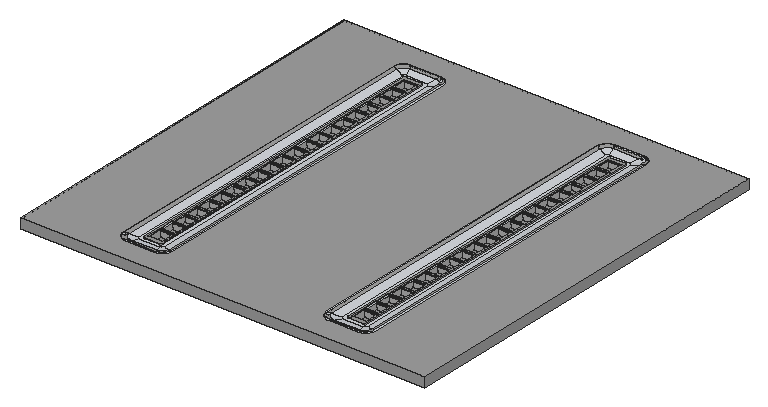
Revit family "0044017 Sylvania Lighting Fixture OptiClip 600 4000K C9 WH DALI WHITE", category Lighting Fixtures, host Face, Revit 2016 (continued)
Automatic sketch dimensions
  Blend 25 sketch curve to plane 64 = 4.7 mm
  Extrusion 26 sketch curve to plane 75 = 0 mm
  Extrusion 26 sketch curve to plane 77 = 0 mm
  Extrusion 26 sketch curve to plane 76 = 0 mm
  Extrusion 26 sketch curve to plane 74 = 0 mm
  Extrusion 27 sketch curve to plane 77 = 0 mm
  Extrusion 27 sketch curve to plane 76 = 0 mm
  plane 33 to Extrusion 27 sketch curve = 4.7 mm
  Extrusion 27 sketch curve to plane 32 = 4.7 mm
  Extrusion 28 sketch curve to plane 77 = 0 mm
  Extrusion 28 sketch curve to plane 76 = 0 mm
  plane 35 to Extrusion 28 sketch curve = 4.655 mm
  Extrusion 28 sketch curve to plane 34 = 4.7 mm
  Extrusion 29 sketch curve to plane 77 = 0 mm
  Extrusion 29 sketch curve to plane 76 = 0 mm
  plane 37 to Extrusion 29 sketch curve = 4.745 mm
  Extrusion 29 sketch curve to plane 36 = 4.7 mm
  Extrusion 30 sketch curve to plane 77 = 0 mm
  Extrusion 30 sketch curve to plane 76 = 0 mm
  plane 39 to Extrusion 30 sketch curve = 4.7 mm
  Extrusion 30 sketch curve to plane 38 = 4.7 mm
  Extrusion 31 sketch curve to plane 77 = 0 mm
  Extrusion 31 sketch curve to plane 76 = 0 mm
  plane 41 to Extrusion 31 sketch curve = 4.7 mm
  Extrusion 31 sketch curve to plane 40 = 4.7 mm
  Extrusion 32 sketch curve to plane 77 = 0 mm
  Extrusion 32 sketch curve to plane 76 = 0 mm
  plane 43 to Extrusion 32 sketch curve = 4.7 mm
  Extrusion 32 sketch curve to plane 42 = 4.7 mm
  Extrusion 33 sketch curve to plane 77 = 0 mm
  Extrusion 33 sketch curve to plane 76 = 0 mm
  plane 45 to Extrusion 33 sketch curve = 4.674 mm
  Extrusion 33 sketch curve to plane 44 = 4.7 mm
  Extrusion 34 sketch curve to plane 77 = 0 mm
  Extrusion 34 sketch curve to plane 76 = 0 mm
  plane 47 to Extrusion 34 sketch curve = 4.726 mm
  Extrusion 34 sketch curve to plane 46 = 4.7 mm
  Extrusion 35 sketch curve to plane 77 = 0 mm
  Extrusion 35 sketch curve to plane 76 = 0 mm
  plane 49 to Extrusion 35 sketch curve = 4.7 mm
  Extrusion 35 sketch curve to plane 48 = 4.7 mm
  Extrusion 36 sketch curve to plane 77 = 0 mm
  Extrusion 36 sketch curve to plane 76 = 0 mm
  plane 51 to Extrusion 36 sketch curve = 4.7 mm
  Extrusion 36 sketch curve to plane 50 = 4.7 mm
  Extrusion 37 sketch curve to plane 77 = 0 mm
  Extrusion 37 sketch curve to plane 76 = 0 mm
  plane 53 to Extrusion 37 sketch curve = 4.7 mm
  Extrusion 37 sketch curve to plane 52 = 4.7 mm
  Extrusion 38 sketch curve to plane 77 = 0 mm
  Extrusion 38 sketch curve to plane 76 = 0 mm
  plane 55 to Extrusion 38 sketch curve = 4.7 mm
  Extrusion 38 sketch curve to plane 54 = 4.7 mm
  Extrusion 39 sketch curve to plane 77 = 0 mm
  Extrusion 39 sketch curve to plane 76 = 0 mm
  plane 57 to Extrusion 39 sketch curve = 4.655 mm
  Extrusion 39 sketch curve to plane 56 = 4.7 mm
  Extrusion 40 sketch curve to plane 77 = 0 mm
  Extrusion 40 sketch curve to plane 76 = 0 mm
  plane 59 to Extrusion 40 sketch curve = 4.745 mm
  Extrusion 40 sketch curve to plane 58 = 4.7 mm
  Extrusion 41 sketch curve to plane 77 = 0 mm
  Extrusion 41 sketch curve to plane 76 = 0 mm
  plane 61 to Extrusion 41 sketch curve = 4.7 mm
  Extrusion 41 sketch curve to plane 60 = 4.7 mm
  Extrusion 42 sketch curve to plane 77 = 0 mm
  Extrusion 42 sketch curve to plane 76 = 0 mm
  plane 63 to Extrusion 42 sketch curve = 4.7 mm
  Extrusion 42 sketch curve to plane 62 = 4.7 mm
  Extrusion 43 sketch curve to plane 77 = 0 mm
  Extrusion 43 sketch curve to plane 76 = 0 mm
  plane 65 to Extrusion 43 sketch curve = 4.7 mm
  Extrusion 43 sketch curve to plane 64 = 4.7 mm
  Extrusion 44 sketch curve to plane 77 = 0 mm
  Extrusion 44 sketch curve to plane 76 = 0 mm
  plane 67 to Extrusion 44 sketch curve = 4.7 mm
  Extrusion 44 sketch curve to plane 66 = 4.7 mm
  Extrusion 45 sketch curve to plane 77 = 0 mm
  Extrusion 45 sketch curve to plane 76 = 0 mm
  plane 69 to Extrusion 45 sketch curve = 4.7 mm
  Extrusion 45 sketch curve to plane 68 = 4.7 mm
  Extrusion 46 sketch curve to plane 77 = 0 mm
  Extrusion 46 sketch curve to plane 76 = 0 mm
  plane 71 to Extrusion 46 sketch curve = 4.7 mm
  Extrusion 46 sketch curve to plane 70 = 4.7 mm
  plane 25 to Blend 47 sketch curve = 2.5 mm  (x2)
  plane 3 "Center (Left/Right)" to Blend 47 sketch curve = 114 mm
  Blend 47 sketch curve to plane 24 = 1 mm
  Blend 47 sketch curve to Blend 47 sketch curve = 15 mm  (x2)
  Blend 47 sketch curve to Blend 47 sketch curve = 42 mm  (x2)
  plane 20 to Blend 47 sketch curve = 0 mm
  plane 80 to Blend 47 sketch curve = 2 mm  (x2)
  plane 3 "Center (Left/Right)" to Blend 47 sketch curve = 130.5 mm
  plane 25 to Blend 47 sketch curve = 1 mm
  Blend 47 sketch curve to plane 81 = 2.155 mm
  Blend 47 sketch curve to Blend 47 sketch curve = 4 mm
  Blend 47 sketch curve to Blend 47 sketch curve = 30.692 mm
  Blend 47 sketch curve to Blend 47 sketch curve = 0.297 mm
  Blend 47 sketch curve to plane 81 = 2.222 mm
  Blend 47 sketch curve to Blend 47 sketch curve = 3.933 mm
  plane 24 to Blend 48 sketch curve = 0 mm
  plane 22 to Blend 48 sketch curve = 0 mm
  Blend 48 sketch curve to plane 20 = 1.5 mm  (x2)
  plane 25 to Blend 48 sketch curve = 2.5 mm  (x2)
  Blend 48 sketch curve to plane 10 = 110 mm
  Blend 48 sketch curve to Blend 48 sketch curve = 42 mm
  plane 26 to Blend 48 sketch curve = 0 mm
  plane 25 to Blend 48 sketch curve = 0 mm
  Blend 48 sketch curve to plane 81 = 2.155 mm  (x2)
  Blend 48 sketch curve to plane 81 = 2.066 mm
  plane 80 to Blend 48 sketch curve = 2 mm  (x2)
  Blend 48 sketch curve to plane 10 = 126.5 mm
  Blend 48 sketch curve to Blend 48 sketch curve = 3.014 mm
  Blend 48 sketch curve to Blend 48 sketch curve = 31.034 mm
  Blend 48 sketch curve to Blend 48 sketch curve = 30.692 mm
  plane 30 to Extrusion 49 sketch curve = 0 mm
  plane 29 to Extrusion 49 sketch curve = 0 mm
  plane 3 "Center (Left/Right)" to Extrusion 49 sketch curve = 140 mm
  Extrusion 49 sketch curve to Extrusion 49 sketch curve = 22 mm
  Blend 50 sketch curve to plane 67 = 0 mm
  Blend 50 sketch curve to plane 66 = 0 mm
  Blend 50 sketch curve to plane 73 = 0 mm
  Blend 50 sketch curve to plane 72 = 0 mm
  Blend 50 sketch curve to plane 77 = 0 mm
  Blend 50 sketch curve to plane 76 = 0 mm
  plane 67 to Blend 50 sketch curve = 4.7 mm
  Blend 50 sketch curve to plane 66 = 4.7 mm
  Blend 51 sketch curve to plane 69 = 0 mm
  Blend 51 sketch curve to plane 68 = 0 mm
  Blend 51 sketch curve to plane 73 = 0 mm
  Blend 51 sketch curve to plane 72 = 0 mm
  Blend 51 sketch curve to plane 77 = 0 mm
  Blend 51 sketch curve to plane 76 = 0 mm
  plane 69 to Blend 51 sketch curve = 4.7 mm
  Blend 51 sketch curve to plane 68 = 4.7 mm
  Blend 52 sketch curve to plane 71 = 0 mm
  Blend 52 sketch curve to plane 70 = 0 mm
  Blend 52 sketch curve to plane 73 = 0 mm
  Blend 52 sketch curve to plane 72 = 0 mm
  Blend 52 sketch curve to plane 77 = 0 mm
  Blend 52 sketch curve to plane 76 = 0 mm
  plane 71 to Blend 52 sketch curve = 4.7 mm
  Blend 52 sketch curve to plane 70 = 4.7 mm
  plane 82 to Extrusion 53 sketch curve = 0 mm  (x2)
  Extrusion 53 sketch curve to plane 80 = 0 mm
  plane 81 to Extrusion 53 sketch curve = 0 mm
  plane 3 "Center (Left/Right)" to Extrusion 53 sketch curve = 137.5 mm
  Extrusion 53 sketch curve to plane 30 = 1.726 mm
  Extrusion 53 sketch curve to Extrusion 53 sketch curve = 2.284 mm
  Extrusion 53 sketch curve to Extrusion 53 sketch curve = 22 mm
  Extrusion 53 sketch curve to plane 30 = 1.536 mm
  Extrusion 53 sketch curve to Extrusion 53 sketch curve = 2.456 mm
  plane 31 to Blend 54 sketch curve = 0 mm
  Blend 54 sketch curve to plane 29 = 1.75 mm
  Blend 54 sketch curve to plane 10 = 133.539 mm
  Blend 54 sketch curve to Blend 54 sketch curve = 20.961 mm
  plane 75 to Blend 54 sketch curve = 0 mm
  plane 74 to Blend 54 sketch curve = 0 mm
  Blend 54 sketch curve to plane 10 = 138.039 mm
  Blend 54 sketch curve to Blend 54 sketch curve = 11.961 mm
  plane 33 to Blend 55 sketch curve = 0 mm
  plane 32 to Blend 55 sketch curve = 0 mm
  Blend 55 sketch curve to plane 10 = 133.539 mm
  Blend 55 sketch curve to Blend 55 sketch curve = 20.961 mm
  plane 33 to Blend 55 sketch curve = 4.7 mm
  Blend 55 sketch curve to plane 32 = 4.7 mm
  Blend 55 sketch curve to plane 10 = 138.039 mm
  Blend 55 sketch curve to Blend 55 sketch curve = 11.961 mm
  plane 34 to Blend 56 sketch curve = 0 mm
  Blend 56 sketch curve to plane 35 = 0.045 mm
  Blend 56 sketch curve to plane 10 = 133.539 mm
  Blend 56 sketch curve to Blend 56 sketch curve = 20.961 mm
  plane 35 to Blend 56 sketch curve = 4.655 mm
  Blend 56 sketch curve to plane 34 = 4.7 mm
  Blend 56 sketch curve to plane 10 = 138.039 mm
  Blend 56 sketch curve to Blend 56 sketch curve = 11.961 mm
  plane 36 to Blend 57 sketch curve = 0 mm
  plane 37 to Blend 57 sketch curve = 0.045 mm
  Blend 57 sketch curve to plane 10 = 133.539 mm
  Blend 57 sketch curve to Blend 57 sketch curve = 20.961 mm
  plane 37 to Blend 57 sketch curve = 4.745 mm
  Blend 57 sketch curve to plane 36 = 4.7 mm
  Blend 57 sketch curve to plane 10 = 138.039 mm
  Blend 57 sketch curve to Blend 57 sketch curve = 11.961 mm
  plane 39 to Blend 58 sketch curve = 0 mm
  plane 38 to Blend 58 sketch curve = 0 mm
  Blend 58 sketch curve to plane 10 = 133.539 mm
  Blend 58 sketch curve to Blend 58 sketch curve = 20.961 mm
  plane 39 to Blend 58 sketch curve = 4.7 mm
  Blend 58 sketch curve to plane 38 = 4.7 mm
  Blend 58 sketch curve to plane 10 = 138.039 mm
  Blend 58 sketch curve to Blend 58 sketch curve = 11.961 mm
  plane 41 to Blend 59 sketch curve = 0 mm
  plane 40 to Blend 59 sketch curve = 0 mm
  Blend 59 sketch curve to plane 10 = 133.539 mm
  Blend 59 sketch curve to Blend 59 sketch curve = 20.961 mm
  plane 41 to Blend 59 sketch curve = 4.7 mm
  Blend 59 sketch curve to plane 40 = 4.7 mm
  Blend 59 sketch curve to plane 10 = 138.039 mm
  Blend 59 sketch curve to Blend 59 sketch curve = 11.961 mm
  plane 43 to Blend 60 sketch curve = 0 mm
  plane 42 to Blend 60 sketch curve = 0 mm
  Blend 60 sketch curve to plane 10 = 133.539 mm
  Blend 60 sketch curve to Blend 60 sketch curve = 20.961 mm
  plane 43 to Blend 60 sketch curve = 4.7 mm
  Blend 60 sketch curve to plane 42 = 4.7 mm
  Blend 60 sketch curve to plane 10 = 138.039 mm
  Blend 60 sketch curve to Blend 60 sketch curve = 11.961 mm
  plane 44 to Blend 61 sketch curve = 0 mm
  Blend 61 sketch curve to plane 45 = 0.026 mm
  Blend 61 sketch curve to plane 10 = 133.539 mm
  Blend 61 sketch curve to Blend 61 sketch curve = 20.961 mm
  plane 45 to Blend 61 sketch curve = 4.674 mm
  Blend 61 sketch curve to plane 44 = 4.7 mm
  Blend 61 sketch curve to plane 10 = 138.039 mm
  Blend 61 sketch curve to Blend 61 sketch curve = 11.961 mm
  plane 46 to Blend 62 sketch curve = 0 mm
  plane 47 to Blend 62 sketch curve = 0.026 mm
  Blend 62 sketch curve to plane 10 = 133.539 mm
  Blend 62 sketch curve to Blend 62 sketch curve = 20.961 mm
  plane 47 to Blend 62 sketch curve = 4.726 mm
  Blend 62 sketch curve to plane 46 = 4.7 mm
  Blend 62 sketch curve to plane 10 = 138.039 mm
  Blend 62 sketch curve to Blend 62 sketch curve = 11.961 mm
  plane 49 to Blend 63 sketch curve = 0 mm
  plane 48 to Blend 63 sketch curve = 0 mm
  Blend 63 sketch curve to plane 10 = 133.539 mm
  Blend 63 sketch curve to Blend 63 sketch curve = 20.961 mm
  plane 49 to Blend 63 sketch curve = 4.7 mm
  Blend 63 sketch curve to plane 48 = 4.7 mm
  Blend 63 sketch curve to plane 10 = 138.039 mm
  Blend 63 sketch curve to Blend 63 sketch curve = 11.961 mm
  plane 51 to Blend 64 sketch curve = 0 mm
  plane 50 to Blend 64 sketch curve = 0 mm
  Blend 64 sketch curve to plane 10 = 133.539 mm
  Blend 64 sketch curve to Blend 64 sketch curve = 20.961 mm
  plane 51 to Blend 64 sketch curve = 4.7 mm
  Blend 64 sketch curve to plane 50 = 4.7 mm
  Blend 64 sketch curve to plane 10 = 138.039 mm
  Blend 64 sketch curve to Blend 64 sketch curve = 11.961 mm
  plane 53 to Blend 65 sketch curve = 0 mm
  plane 52 to Blend 65 sketch curve = 0 mm
  Blend 65 sketch curve to plane 10 = 133.539 mm
  Blend 65 sketch curve to Blend 65 sketch curve = 20.961 mm
  plane 53 to Blend 65 sketch curve = 4.7 mm
  Blend 65 sketch curve to plane 52 = 4.7 mm
  Blend 65 sketch curve to plane 10 = 138.039 mm
  Blend 65 sketch curve to Blend 65 sketch curve = 11.961 mm
  plane 55 to Blend 66 sketch curve = 0 mm
  plane 54 to Blend 66 sketch curve = 0 mm
  Blend 66 sketch curve to plane 10 = 133.539 mm
  Blend 66 sketch curve to Blend 66 sketch curve = 20.961 mm
  plane 55 to Blend 66 sketch curve = 4.7 mm
  Blend 66 sketch curve to plane 54 = 4.7 mm
  Blend 66 sketch curve to plane 10 = 138.039 mm
  Blend 66 sketch curve to Blend 66 sketch curve = 11.961 mm
  plane 56 to Blend 67 sketch curve = 0 mm
  Blend 67 sketch curve to plane 57 = 0.045 mm
  Blend 67 sketch curve to plane 10 = 133.539 mm
  Blend 67 sketch curve to Blend 67 sketch curve = 20.961 mm
  plane 57 to Blend 67 sketch curve = 4.655 mm
  Blend 67 sketch curve to plane 56 = 4.7 mm
  Blend 67 sketch curve to plane 10 = 138.039 mm
  Blend 67 sketch curve to Blend 67 sketch curve = 11.961 mm
  plane 58 to Blend 68 sketch curve = 0 mm
  plane 59 to Blend 68 sketch curve = 0.045 mm
  Blend 68 sketch curve to plane 10 = 133.539 mm
  Blend 68 sketch curve to Blend 68 sketch curve = 20.961 mm
  plane 59 to Blend 68 sketch curve = 4.745 mm
  Blend 68 sketch curve to plane 58 = 4.7 mm
  Blend 68 sketch curve to plane 10 = 138.039 mm
  Blend 68 sketch curve to Blend 68 sketch curve = 11.961 mm
  plane 61 to Blend 69 sketch curve = 0 mm
  plane 60 to Blend 69 sketch curve = 0 mm
  Blend 69 sketch curve to plane 10 = 133.539 mm
  Blend 69 sketch curve to Blend 69 sketch curve = 20.961 mm
  plane 61 to Blend 69 sketch curve = 4.7 mm
  Blend 69 sketch curve to plane 60 = 4.7 mm
  Blend 69 sketch curve to plane 10 = 138.039 mm
  Blend 69 sketch curve to Blend 69 sketch curve = 11.961 mm
  plane 63 to Blend 70 sketch curve = 0 mm
  plane 62 to Blend 70 sketch curve = 0 mm
  Blend 70 sketch curve to plane 10 = 133.539 mm
  Blend 70 sketch curve to Blend 70 sketch curve = 20.961 mm
  plane 63 to Blend 70 sketch curve = 4.7 mm
  Blend 70 sketch curve to plane 62 = 4.7 mm
  Blend 70 sketch curve to plane 10 = 138.039 mm
  Blend 70 sketch curve to Blend 70 sketch curve = 11.961 mm
  plane 65 to Blend 71 sketch curve = 0 mm
  plane 64 to Blend 71 sketch curve = 0 mm
  Blend 71 sketch curve to plane 10 = 133.539 mm
  Blend 71 sketch curve to Blend 71 sketch curve = 20.961 mm
  plane 65 to Blend 71 sketch curve = 4.7 mm
  Blend 71 sketch curve to plane 64 = 4.7 mm
  Blend 71 sketch curve to plane 10 = 138.039 mm
  Blend 71 sketch curve to Blend 71 sketch curve = 11.961 mm
  plane 67 to Blend 72 sketch curve = 0 mm
  plane 66 to Blend 72 sketch curve = 0 mm
  Blend 72 sketch curve to plane 10 = 133.539 mm
  Blend 72 sketch curve to Blend 72 sketch curve = 20.961 mm
  plane 67 to Blend 72 sketch curve = 4.7 mm
  Blend 72 sketch curve to plane 66 = 4.7 mm
  Blend 72 sketch curve to plane 10 = 138.039 mm
  Blend 72 sketch curve to Blend 72 sketch curve = 11.961 mm
  plane 69 to Blend 73 sketch curve = 0 mm
  plane 68 to Blend 73 sketch curve = 0 mm
  Blend 73 sketch curve to plane 10 = 133.539 mm
  Blend 73 sketch curve to Blend 73 sketch curve = 20.961 mm
  plane 69 to Blend 73 sketch curve = 4.7 mm
  Blend 73 sketch curve to plane 68 = 4.7 mm
  Blend 73 sketch curve to plane 10 = 138.039 mm
  Blend 73 sketch curve to Blend 73 sketch curve = 11.961 mm
  plane 71 to Blend 74 sketch curve = 0 mm
  plane 70 to Blend 74 sketch curve = 0 mm
  Blend 74 sketch curve to plane 10 = 133.539 mm
  Blend 74 sketch curve to Blend 74 sketch curve = 20.961 mm
  plane 71 to Blend 74 sketch curve = 4.7 mm
  Blend 74 sketch curve to plane 70 = 4.7 mm
  Blend 74 sketch curve to plane 10 = 138.039 mm
  Blend 74 sketch curve to Blend 74 sketch curve = 11.961 mm
  plane 75 to Extrusion 75 sketch curve = 0 mm
  plane 74 to Extrusion 75 sketch curve = 0 mm
  plane 3 "Center (Left/Right)" to Extrusion 75 sketch curve = 145 mm
  Extrusion 75 sketch curve to Extrusion 75 sketch curve = 11.961 mm
  plane 33 to Extrusion 76 sketch curve = 4.7 mm
  plane 3 "Center (Left/Right)" to Extrusion 76 sketch curve = 145 mm
  Extrusion 76 sketch curve to Extrusion 76 sketch curve = 11.961 mm
  Extrusion 76 sketch curve to plane 32 = 4.7 mm
  plane 35 to Extrusion 77 sketch curve = 4.655 mm
  plane 3 "Center (Left/Right)" to Extrusion 77 sketch curve = 145 mm
  Extrusion 77 sketch curve to Extrusion 77 sketch curve = 11.961 mm
  Extrusion 77 sketch curve to plane 34 = 4.7 mm
  plane 37 to Extrusion 78 sketch curve = 4.745 mm
  plane 3 "Center (Left/Right)" to Extrusion 78 sketch curve = 145 mm
  Extrusion 78 sketch curve to Extrusion 78 sketch curve = 11.961 mm
  Extrusion 78 sketch curve to plane 36 = 4.7 mm
  plane 39 to Extrusion 79 sketch curve = 4.7 mm
  plane 3 "Center (Left/Right)" to Extrusion 79 sketch curve = 145 mm
  Extrusion 79 sketch curve to Extrusion 79 sketch curve = 11.961 mm
  Extrusion 79 sketch curve to plane 38 = 4.7 mm
  plane 41 to Extrusion 80 sketch curve = 4.7 mm
  plane 3 "Center (Left/Right)" to Extrusion 80 sketch curve = 145 mm
  Extrusion 80 sketch curve to Extrusion 80 sketch curve = 11.961 mm
  Extrusion 80 sketch curve to plane 40 = 4.7 mm
  plane 43 to Extrusion 81 sketch curve = 4.7 mm
  plane 3 "Center (Left/Right)" to Extrusion 81 sketch curve = 145 mm
  Extrusion 81 sketch curve to Extrusion 81 sketch curve = 11.961 mm
  Extrusion 81 sketch curve to plane 42 = 4.7 mm
  plane 45 to Extrusion 82 sketch curve = 4.674 mm
  plane 3 "Center (Left/Right)" to Extrusion 82 sketch curve = 145 mm
  Extrusion 82 sketch curve to Extrusion 82 sketch curve = 11.961 mm
  Extrusion 82 sketch curve to plane 44 = 4.7 mm
  plane 47 to Extrusion 83 sketch curve = 4.726 mm
  plane 3 "Center (Left/Right)" to Extrusion 83 sketch curve = 145 mm
  Extrusion 83 sketch curve to Extrusion 83 sketch curve = 11.961 mm
  Extrusion 83 sketch curve to plane 46 = 4.7 mm
  plane 49 to Extrusion 84 sketch curve = 4.7 mm
  plane 3 "Center (Left/Right)" to Extrusion 84 sketch curve = 145 mm
  Extrusion 84 sketch curve to Extrusion 84 sketch curve = 11.961 mm
  Extrusion 84 sketch curve to plane 48 = 4.7 mm
  plane 51 to Extrusion 85 sketch curve = 4.7 mm
  plane 3 "Center (Left/Right)" to Extrusion 85 sketch curve = 145 mm
  Extrusion 85 sketch curve to Extrusion 85 sketch curve = 11.961 mm
  Extrusion 85 sketch curve to plane 50 = 4.7 mm
  plane 53 to Extrusion 86 sketch curve = 4.7 mm
  plane 3 "Center (Left/Right)" to Extrusion 86 sketch curve = 145 mm
  Extrusion 86 sketch curve to Extrusion 86 sketch curve = 11.961 mm
  Extrusion 86 sketch curve to plane 52 = 4.7 mm
  plane 55 to Extrusion 87 sketch curve = 4.7 mm
  plane 3 "Center (Left/Right)" to Extrusion 87 sketch curve = 145 mm
  Extrusion 87 sketch curve to Extrusion 87 sketch curve = 11.961 mm
  Extrusion 87 sketch curve to plane 54 = 4.7 mm
  plane 57 to Extrusion 88 sketch curve = 4.655 mm
  plane 3 "Center (Left/Right)" to Extrusion 88 sketch curve = 145 mm
  Extrusion 88 sketch curve to Extrusion 88 sketch curve = 11.961 mm
  Extrusion 88 sketch curve to plane 56 = 4.7 mm
  plane 59 to Extrusion 89 sketch curve = 4.745 mm
  plane 3 "Center (Left/Right)" to Extrusion 89 sketch curve = 145 mm
  Extrusion 89 sketch curve to Extrusion 89 sketch curve = 11.961 mm
  Extrusion 89 sketch curve to plane 58 = 4.7 mm
  plane 61 to Extrusion 90 sketch curve = 4.7 mm
  plane 3 "Center (Left/Right)" to Extrusion 90 sketch curve = 145 mm
  Extrusion 90 sketch curve to Extrusion 90 sketch curve = 11.961 mm
  Extrusion 90 sketch curve to plane 60 = 4.7 mm
  plane 63 to Extrusion 91 sketch curve = 4.7 mm
  plane 3 "Center (Left/Right)" to Extrusion 91 sketch curve = 145 mm
  Extrusion 91 sketch curve to Extrusion 91 sketch curve = 11.961 mm
  Extrusion 91 sketch curve to plane 62 = 4.7 mm
  plane 65 to Extrusion 92 sketch curve = 4.7 mm
  plane 3 "Center (Left/Right)" to Extrusion 92 sketch curve = 145 mm
  Extrusion 92 sketch curve to Extrusion 92 sketch curve = 11.961 mm
  Extrusion 92 sketch curve to plane 64 = 4.7 mm
  plane 67 to Extrusion 93 sketch curve = 4.7 mm
  plane 3 "Center (Left/Right)" to Extrusion 93 sketch curve = 145 mm
  Extrusion 93 sketch curve to Extrusion 93 sketch curve = 11.961 mm
  Extrusion 93 sketch curve to plane 66 = 4.7 mm
  plane 69 to Extrusion 94 sketch curve = 4.7 mm
  plane 3 "Center (Left/Right)" to Extrusion 94 sketch curve = 145 mm
  Extrusion 94 sketch curve to Extrusion 94 sketch curve = 11.961 mm
  Extrusion 94 sketch curve to plane 68 = 4.7 mm
  plane 71 to Extrusion 95 sketch curve = 4.7 mm
  plane 3 "Center (Left/Right)" to Extrusion 95 sketch curve = 145 mm
  Extrusion 95 sketch curve to Extrusion 95 sketch curve = 11.961 mm
  Extrusion 95 sketch curve to plane 70 = 4.7 mm
  Extrusion 96 sketch curve to plane 7 = 0 mm
  plane 8 to Extrusion 96 sketch curve = 0 mm
  plane 6 to Extrusion 96 sketch curve = 0 mm
  plane 5 to Extrusion 96 sketch curve = 0 mm
Connectors
  electrical at (0, 0, -1.008)
    settings: on cut or joined group of Extrusion 2, Extrusion 3, Blend 5, Blend 48, index 1, voltage 0 V, apparent load 0 VA, apparent load phase1 0 VA, apparent load phase2 0 VA, apparent load phase3 0 VA, power factor 1, load classification "Other", number of poles 1, system type 31, power factor state 1, is connector primary yes, connector utility no, sub classification motor no, connector description ""
